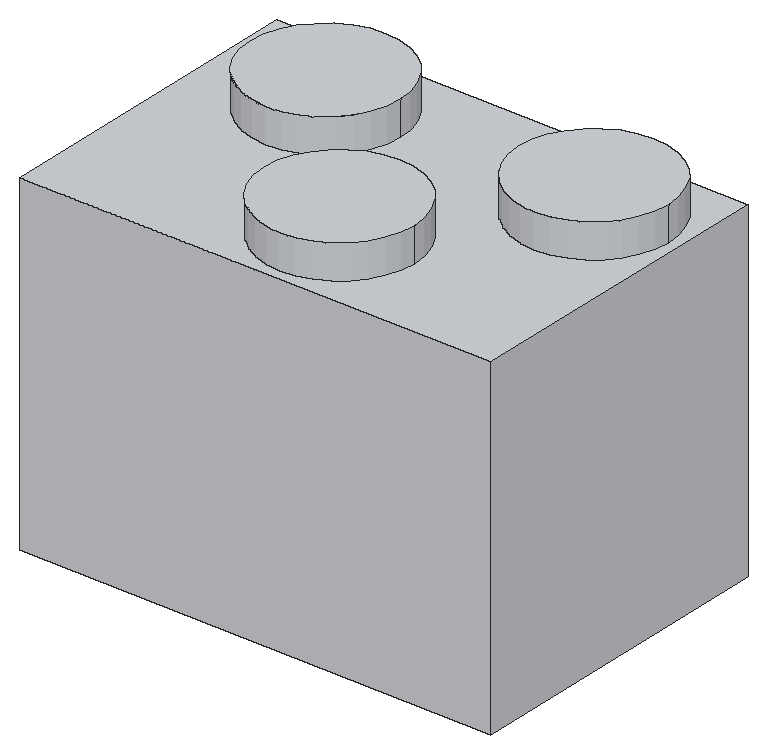
Revit family "3922156ad3cc4fce91a39d6969686fd6", category Mechanical Equipment, Revit 2021
Family settings
  Round Connector Dimension = Use Radius
  Part Type = Normal
  OmniClass Number = 23.75.10.24.21.11.11
  OmniClass Title = Packaged Refrigerant Condensing Coils and Fan Units
  Seek Item ID = Condenser - Air Cooled - Horizontal - 301-455 MBH-0000-USA-ENU
  Work Plane-Based = No
  Always vertical = Yes
  Cut with Voids When Loaded = No
  Shared = No
  Room Calculation Point = No
Parameters (values of type "455 MBH")
  Voltage = 460 V
  Visibility = yes
  Outlet Radius = 7/16"
  Outlet Diameter = 2 * Outlet Radius  # 7/8"
  Number of Poles = 3
  Load Classification = Cooling
  Inlet Radius = 9/16"
  Inlet Diameter = 2 * Inlet Radius  # 1 1/8"
  Default Elevation = 0' - 0"
  Condenser Width = 5' - 0 1/8"
  Condenser Material = none
  Condenser Length = 7' - 4 1/4"
  Condenser Height = 5' - 2 1/2"
  Apparent Load [instance] = 2714 VA
Types (4): name | Visibility | Outlet Radius | Outlet Diameter | Apparent Load
  (no name) | yes | 7/16" | 7/8" | 2714 VA
  301 MBH | no | 5/16" | 5/8" | 1886 VA
  373 MBH | yes | 5/16" | 5/8" | 2714 VA
  455 MBH | yes | 7/16" | 7/8" | 2714 VA
Reference planes (in)
  plane 1 "Center (Front/Back)": y = 0
  plane 2: z = 0
  plane 3 "Center (Left/Right)": x = 0
  plane 4: x = 88.25
  plane 5: y = -60.125
  plane 6: z = 62.5
  plane 7: z = 5
  plane 8: x = 2.5
  plane 9: x = 85.75
  plane 10: y = -2.5
  plane 11: y = -57.625
  plane 12: y = -57.375
  plane 13: x = 8
  plane 14: y = -15.625
  plane 15: z = 59.75
  plane 16: z = 24.75
  plane 17: y = -16
  plane 18: x = 22
  plane 19: x = 72.25
  plane 20: y = -44.125
  plane 21: x = 47.125
  plane 22: z = 68.875
  plane 23: x = 72.875
  plane 24: y = -49.625
  plane 25: x = 28.625
  plane 26: y = -54
  plane 27: y = -53
  plane 28: x = 3.625
Forms (in)
  Extrusion 1, solid, material <- "Condenser Material"
    sketch origin (0, 0, 0) x (1, 0, 0) y (0, 1, 0)
      loop
        line (0, 0) -> (0, -60.125) -> (88.25, -60.125) -> (88.25, 0) -> (0, 0)
    from 0 to 62.5
  Extrusion 2, void
    sketch origin (0, 0, 0) x (1, 0, 0) y (0, 1, 0)
      loop
        line (2.5, -2.5) -> (2.5, -57.625) -> (85.75, -57.625) -> (85.75, -2.5) -> (2.5, -2.5)
    from 0 to 5
  Extrusion 3, void
    sketch origin (0, 0, 0) x (1, 0, 0) y (0, 1, 0)
      loop
        line (0, -15.625) -> (0, -57.375) -> (8, -57.375) -> (8, -15.625) -> (0, -15.625)
    from 24.75 to 59.75
  Extrusion 4, solid, material <- "Condenser Material"
    sketch origin (0, 0, 0) x (1, 0, 0) y (0, 1, 0)
      loop
        circle (22, -16) r 14
    from 62.5 to 68.875
  Extrusion 5, solid, material <- "Condenser Material"
    sketch origin (0, 0, 0) x (1, 0, 0) y (0, 1, 0)
      loop
        circle (72.25, -16) r 14
    from 62.5 to 68.875
  Extrusion 6, solid, material <- "Condenser Material", visible <- "Visibility"
    sketch origin (0, 0, 0) x (1, 0, 0) y (0, 1, 0)
      loop
        circle (47.125, -44.125) r 14
    from 62.5 to 68.875
  Extrusion 7, solid, material <- "Condenser Material"
    sketch origin (0, 0, 0) x (1, 0, 0) y (0, 1, 0)
      loop
        circle (72.875, -49.625) r 0.5
    from 5 to 24.75
  Extrusion 8, solid, material <- "Condenser Material"
    sketch origin (0, 0, 0) x (1, 0, 0) y (0, 1, 0)
      loop
        circle (28.625, -54) r 0.5
    from 5 to 24.75
  Extrusion 9, solid, material <- "Condenser Material"
    sketch origin (0, 0, 0) x (1, 0, 0) y (0, 1, 0)
      loop
        circle (3.625, -53) r 0.5
    from 5 to 24.75
Cuts and joins
  Extrusion 2, Extrusion 3 cuts Extrusion 1
  joined: Extrusion 1, Extrusion 7, Extrusion 8, Extrusion 9
  joined: Extrusion 4, Extrusion 5
Dimensions and locks (in)
  "Condenser Length": plane 3 "Center (Left/Right)" to plane 4
  "Condenser Width": plane 5 to plane 1 "Center (Front/Back)"
  "Condenser Height": plane 6 to plane 2
  locked: plane 7 to plane 2 at 5
  locked: plane 8 to plane 3 "Center (Left/Right)" at 2.5
  locked: plane 4 to plane 9 at 2.5
  locked: plane 1 "Center (Front/Back)" to plane 10 at 2.5
  locked: plane 11 to plane 5 at 2.5
  locked: plane 12 to plane 5 at 2.75
  locked: plane 3 "Center (Left/Right)" to plane 13 at 8
  locked: plane 14 to plane 12 at 41.75
  locked: plane 6 to plane 15 at 2.75
  locked: plane 15 to plane 16 at 35
  locked: plane 17 to plane 1 "Center (Front/Back)" at 16
  locked: plane 3 "Center (Left/Right)" to plane 18 at 22
  plane 13 to plane 18 to cut or joined group of Extrusion 1, Extrusion 2, Extrusion 3, Extrusion 7, Extrusion 8, Extrusion 9 = 1' - 2", 5' - 3 3/4"
  locked: plane 19 to plane 4 at 16
  locked: plane 20 to plane 5 at 16
  locked: plane 21 to plane 4 at 41.125
  locked: plane 22 to plane 6 at 6.375
  locked: plane 3 "Center (Left/Right)" to plane 23 at 72.875
  locked: plane 24 to plane 5 at 10.5
  locked: plane 3 "Center (Left/Right)" to plane 25 at 28.625
  locked: plane 26 to plane 5 at 6.125
  locked: plane 27 to plane 5 at 7.125
  locked: plane 3 "Center (Left/Right)" to plane 28 at 3.625
  aligned and locked: plane 3 "Center (Left/Right)" to Extrusion 1 sketch curve
  aligned and locked: plane 1 "Center (Front/Back)" to Extrusion 1 sketch curve
  aligned and locked: plane 5 to Extrusion 1 sketch curve
  aligned and locked: Extrusion 1 sketch curve to plane 4
  aligned and locked: plane 6 to Extrusion 1
  aligned and locked: Extrusion 1 to plane 2
  aligned and locked: plane 8 to Extrusion 2 sketch curve
  aligned and locked: Extrusion 2 sketch curve to plane 10
  aligned and locked: plane 11 to Extrusion 2 sketch curve
  aligned and locked: Extrusion 2 sketch curve to plane 9
  aligned and locked: Extrusion 2 to plane 2
  aligned and locked: plane 7 to Extrusion 2
  aligned and locked: plane 3 "Center (Left/Right)" to Extrusion 3 sketch curve
  aligned and locked: Extrusion 3 sketch curve to plane 14
  aligned and locked: plane 12 to Extrusion 3 sketch curve
  aligned and locked: Extrusion 3 sketch curve to plane 13
  aligned and locked: plane 15 to Extrusion 3
  aligned and locked: Extrusion 3 to plane 16
  aligned and locked: plane 18 to Extrusion 4 sketch curve
  aligned and locked: plane 17 to Extrusion 4 sketch curve
  aligned and locked: plane 17 to Extrusion 5 sketch curve
  aligned and locked: plane 19 to Extrusion 5 sketch curve
  aligned and locked: plane 20 to Extrusion 6 sketch curve
  aligned and locked: plane 21 to Extrusion 6 sketch curve
  aligned and locked: plane 22 to Extrusion 4
  aligned and locked: Extrusion 4 to plane 6
  aligned and locked: Extrusion 6 to Extrusion 4
  aligned and locked: Extrusion 6 to plane 6
  aligned and locked: Extrusion 5 to Extrusion 4
  aligned and locked: Extrusion 5 to plane 6
  aligned and locked: plane 24 to Extrusion 7 sketch curve
  aligned and locked: plane 23 to Extrusion 7 sketch curve
  aligned and locked: Extrusion 7 to plane 7
  aligned and locked: Extrusion 7 to cut or joined group of Extrusion 1, Extrusion 2, Extrusion 3, Extrusion 7, Extrusion 8, Extrusion 9
  aligned and locked: plane 26 to Extrusion 8 sketch curve
  aligned and locked: plane 25 to Extrusion 8 sketch curve
  aligned and locked: Extrusion 8 to plane 7
  aligned and locked: Extrusion 8 to cut or joined group of Extrusion 1, Extrusion 2, Extrusion 3, Extrusion 7, Extrusion 8, Extrusion 9
  aligned and locked: plane 27 to Extrusion 9 sketch curve
  aligned and locked: plane 28 to Extrusion 9 sketch curve
  aligned and locked: Extrusion 9 to plane 7
  aligned and locked: Extrusion 9 to cut or joined group of Extrusion 1, Extrusion 2, Extrusion 3, Extrusion 7, Extrusion 8, Extrusion 9
Automatic sketch dimensions
  radius of Extrusion 4 sketch curve = 1' - 2"
  radius of Extrusion 5 sketch curve = 1' - 2"
  radius of Extrusion 6 sketch curve = 1' - 2"
  radius of Extrusion 7 sketch curve = 0' - 0 1/2"
  radius of Extrusion 8 sketch curve = 0' - 0 1/2"
  radius of Extrusion 9 sketch curve = 0' - 0 1/2"
Connectors (in)
  piping at (72.875, -49.625, 5), diameter 0.875, driven by "Outlet Radius"
    settings: on Extrusion 7, index 1, connector inside diameter 7/8", connector length 0' - 0", flow factor 0, pipe flow 0 GPM, pressure drop 0.00 psi, fitting loss kfactor 0, connector angle 0.00°, fixture units 0, engagement length 0' - 0", angle of deflection 0.00°, flow configuration 0, flow direction 2, fitting loss method 0, system type 22, joint type 0, gender type 0, connector reference index 2, connector utility 0, adjustable connector no, is connector primary yes, connector description "Cryogen Out"
  piping at (28.625, -54, 5), diameter 1.125, driven by "Inlet Radius"
    settings: on Extrusion 8, index 2, connector inside diameter 1 1/8", connector length 0' - 0", flow factor 0, pipe flow 0 GPM, pressure drop 0.00 psi, fitting loss kfactor 0, connector angle 0.00°, fixture units 0, engagement length 0' - 0", angle of deflection 0.00°, flow configuration 0, flow direction 1, fitting loss method 0, system type 22, joint type 0, gender type 0, connector reference index 1, connector utility 0, adjustable connector no, is connector primary no, connector description "Cryogen In"
  electrical at (3.625, -53, 24.75), driven by "Number of Poles", driven by "Voltage", driven by "Apparent Load", driven by "Load Classification"
    settings: on Extrusion 9, index 3, voltage 460 V, apparent load 2714 VA, apparent load phase1 0 VA, apparent load phase2 0 VA, apparent load phase3 0 VA, power factor 0.8, load classification "Cooling", number of poles 3, system type 30, power factor state 1, is connector primary yes, connector utility no, sub classification motor no, connector description ""
